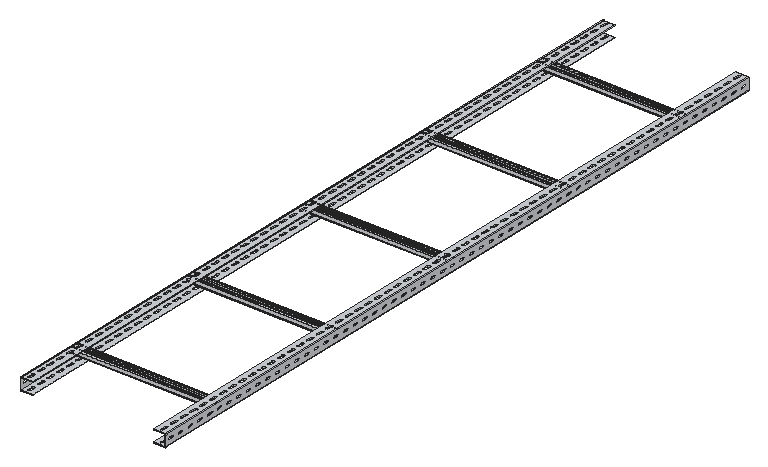
Revit family "steigeleiter_6_FT_FTSO_FTK_A2_A4.600rfa", category Generic Models, Revit 2017 (continued)
Dimensions and locks
  locked: Extrusion 323 sketch curve to Extrusion 323 sketch curve at 11
  locked: Extrusion 324 sketch curve to Extrusion 324 sketch curve at 11
  locked: Extrusion 325 sketch curve to Extrusion 325 sketch curve at 11
  locked: Extrusion 326 sketch curve to Extrusion 326 sketch curve at 11
  locked: Extrusion 327 sketch curve to Extrusion 327 sketch curve at 11
  locked: Extrusion 328 sketch curve to Extrusion 328 sketch curve at 11
  locked: Extrusion 329 sketch curve to Extrusion 329 sketch curve at 11
  locked: Extrusion 330 sketch curve to Extrusion 330 sketch curve at 11
  locked: Extrusion 331 sketch curve to Extrusion 331 sketch curve at 11
  locked: Extrusion 332 sketch curve to Extrusion 332 sketch curve at 11
  locked: Extrusion 333 sketch curve to Extrusion 333 sketch curve at 11
  locked: Extrusion 334 sketch curve to Extrusion 334 sketch curve at 11
  locked: Extrusion 335 sketch curve to Extrusion 335 sketch curve at 11
  locked: Extrusion 336 sketch curve to Extrusion 336 sketch curve at 11
  locked: Extrusion 337 sketch curve to Extrusion 337 sketch curve at 11
  locked: Extrusion 338 sketch curve to Extrusion 338 sketch curve at 11
  locked: Extrusion 339 sketch curve to Extrusion 339 sketch curve at 11
  locked: Extrusion 340 sketch curve to Extrusion 340 sketch curve at 11
  locked: Extrusion 341 sketch curve to Extrusion 341 sketch curve at 11
  locked: Extrusion 342 sketch curve to Extrusion 342 sketch curve at 11
  locked: Extrusion 343 sketch curve to Extrusion 343 sketch curve at 11
  locked: Extrusion 344 sketch curve to Extrusion 344 sketch curve at 11
  locked: Extrusion 345 sketch curve to Extrusion 345 sketch curve at 11
  locked: Extrusion 346 sketch curve to Extrusion 346 sketch curve at 11
  locked: Extrusion 347 sketch curve to Extrusion 347 sketch curve at 11
  locked: Extrusion 348 sketch curve to Extrusion 348 sketch curve at 11
  locked: Extrusion 349 sketch curve to Extrusion 349 sketch curve at 11
  locked: Extrusion 350 sketch curve to Extrusion 350 sketch curve at 11
  locked: Extrusion 351 sketch curve to Extrusion 351 sketch curve at 11
  locked: Extrusion 352 sketch curve to Extrusion 352 sketch curve at 11
  locked: Extrusion 353 sketch curve to Extrusion 353 sketch curve at 11
  locked: Extrusion 354 sketch curve to Extrusion 354 sketch curve at 11
  locked: Extrusion 355 sketch curve to Extrusion 355 sketch curve at 11
  locked: Extrusion 356 sketch curve to Extrusion 356 sketch curve at 11
  locked: Extrusion 357 sketch curve to Extrusion 357 sketch curve at 11
  locked: Extrusion 358 sketch curve to Extrusion 358 sketch curve at 11
  locked: Extrusion 359 sketch curve to Extrusion 359 sketch curve at 11
  locked: Extrusion 360 sketch curve to Extrusion 360 sketch curve at 11
  locked: Extrusion 361 sketch curve to Extrusion 361 sketch curve at 11
  "Length 2": plane 1 "Center (Front/Back)" to plane 6
  locked: Extrusion 362 sketch curve to Extrusion 362 sketch curve at 18
  locked: Extrusion 362 sketch curve to Extrusion 362 sketch curve at 2  (x5)
  locked: Extrusion 362 sketch curve to Extrusion 362 sketch curve at 3.5  (x2)
  Extrusion 362 sketch curve to Extrusion 362 sketch curve = 3.5 mm
  Extrusion 362 sketch curve to Extrusion 362 sketch curve = 15 mm
  locked: Extrusion 363 sketch curve to Extrusion 363 sketch curve at 18
  locked: Extrusion 363 sketch curve to Extrusion 363 sketch curve at 2  (x5)
  locked: Extrusion 363 sketch curve to Extrusion 363 sketch curve at 3.5  (x2)
  Extrusion 363 sketch curve to Extrusion 363 sketch curve = 3.5 mm
  Extrusion 363 sketch curve to Extrusion 363 sketch curve = 15 mm
  equal spacing: group 358, group 359, group 360, group 361, group 362  (x3)
  locked: Extrusion 364 sketch curve to Extrusion 364 sketch curve at 18
  locked: Extrusion 364 sketch curve to Extrusion 364 sketch curve at 2  (x5)
  locked: Extrusion 364 sketch curve to Extrusion 364 sketch curve at 3.5  (x2)
  Extrusion 364 sketch curve to Extrusion 364 sketch curve = 3.5 mm
  Extrusion 364 sketch curve to Extrusion 364 sketch curve = 15 mm
  locked: Extrusion 365 sketch curve to Extrusion 365 sketch curve at 18
  locked: Extrusion 365 sketch curve to Extrusion 365 sketch curve at 2  (x5)
  locked: Extrusion 365 sketch curve to Extrusion 365 sketch curve at 3.5  (x2)
  Extrusion 365 sketch curve to Extrusion 365 sketch curve = 3.5 mm
  Extrusion 365 sketch curve to Extrusion 365 sketch curve = 15 mm
  locked: Extrusion 366 sketch curve to Extrusion 366 sketch curve at 18
  locked: Extrusion 366 sketch curve to Extrusion 366 sketch curve at 2  (x5)
  locked: Extrusion 366 sketch curve to Extrusion 366 sketch curve at 3.5  (x2)
  Extrusion 366 sketch curve to Extrusion 366 sketch curve = 3.5 mm
  Extrusion 366 sketch curve to Extrusion 366 sketch curve = 15 mm
  aligned and locked: level to plane 2
  aligned and locked: Extrusion 1 sketch curve to level
  aligned and locked: level to Extrusion 1 sketch curve
  aligned and locked: plane 5 to Extrusion 1
  aligned and locked: Extrusion 1 to level
  aligned and locked: Extrusion 1 to Extrusion 2  (x2)
  aligned and locked: Extrusion 1 to Extrusion 62  (x2)
  aligned and locked: Extrusion 122 to level
  aligned and locked: Extrusion 1 to Extrusion 122
  aligned and locked: Extrusion 182 to level
  aligned and locked: cut or joined group 1 (Extrusion 1, Extrusion 2, Extrusion 3, Extrusion 4, Extrusion 5, Extrusion 6, Extrusion 7, Extrusion 8, Extrusion 9, Extrusion 10, Extrusion 11, Extrusion 12, Extrusion 13, Extrusion 14, Extrusion 15, Extrusion 16, Extrusion 17, Extrusion 18, Extrusion 19, Extrusion 20, Extrusion 21, Extrusion 22, Extrusion 23, Extrusion 24, Extrusion 25, Extrusion 26, Extrusion 27, Extrusion 28, Extrusion 29, Extrusion 30, Extrusion 31, Extrusion 32, Extrusion 33, Extrusion 34, Extrusion 35, Extrusion 36, Extrusion 37, Extrusion 38, Extrusion 39, Extrusion 40, Extrusion 41, Extrusion 42, Extrusion 43, Extrusion 44, Extrusion 45, Extrusion 46, Extrusion 47, Extrusion 48, Extrusion 49, Extrusion 50, Extrusion 51, Extrusion 52, Extrusion 53, Extrusion 54, Extrusion 55, Extrusion 56, Extrusion 57, Extrusion 58, Extrusion 59, Extrusion 60, Extrusion 61, Extrusion 62, Extrusion 63, Extrusion 64, Extrusion 65, Extrusion 66, Extrusion 67, Extrusion 68, Extrusion 69, Extrusion 70, Extrusion 71, Extrusion 72, Extrusion 73, Extrusion 74, Extrusion 75, Extrusion 76, Extrusion 77, Extrusion 78, Extrusion 79, Extrusion 80, Extrusion 81, Extrusion 82, Extrusion 83, Extrusion 84, Extrusion 85, Extrusion 86, Extrusion 87, Extrusion 88, Extrusion 89, Extrusion 90, Extrusion 91, Extrusion 92, Extrusion 93, Extrusion 94, Extrusion 95, Extrusion 96, Extrusion 97, Extrusion 98, Extrusion 99, Extrusion 100, Extrusion 101, Extrusion 102, Extrusion 103, Extrusion 104, Extrusion 105, Extrusion 106, Extrusion 107, Extrusion 108, Extrusion 109, Extrusion 110, Extrusion 111, Extrusion 112, Extrusion 113, Extrusion 114, Extrusion 115, Extrusion 116, Extrusion 117, Extrusion 118, Extrusion 119, Extrusion 120, Extrusion 121, Extrusion 122, Extrusion 123, Extrusion 124, Extrusion 125, Extrusion 126, Extrusion 127, Extrusion 128, Extrusion 129, Extrusion 130, Extrusion 131, Extrusion 132, Extrusion 133, Extrusion 134, Extrusion 135, Extrusion 136, Extrusion 137, Extrusion 138, Extrusion 139, Extrusion 140, Extrusion 141, Extrusion 142, Extrusion 143, Extrusion 144, Extrusion 145, Extrusion 146, Extrusion 147, Extrusion 148, Extrusion 149, Extrusion 150, Extrusion 151, Extrusion 152, Extrusion 153, Extrusion 154, Extrusion 155, Extrusion 156, Extrusion 157, Extrusion 158, Extrusion 159, Extrusion 160, Extrusion 161, Extrusion 162, Extrusion 163, Extrusion 164, Extrusion 165, Extrusion 166, Extrusion 167, Extrusion 168, Extrusion 169, Extrusion 170, Extrusion 171, Extrusion 172, Extrusion 173, Extrusion 174, Extrusion 175, Extrusion 176, Extrusion 177, Extrusion 178, Extrusion 179, Extrusion 180, Extrusion 181, Extrusion 182, Extrusion 183, Extrusion 184, Extrusion 185, Extrusion 186, Extrusion 187, Extrusion 188, Extrusion 189, Extrusion 190, Extrusion 191, Extrusion 192, Extrusion 193, Extrusion 194, Extrusion 195, Extrusion 196, Extrusion 197, Extrusion 198, Extrusion 199, Extrusion 200, Extrusion 201, Extrusion 202, Extrusion 203, Extrusion 204, Extrusion 205, Extrusion 206, Extrusion 207, Extrusion 208, Extrusion 209, Extrusion 210, Extrusion 211, Extrusion 212, Extrusion 213, Extrusion 214, Extrusion 215, Extrusion 216, Extrusion 217, Extrusion 218, Extrusion 219, Extrusion 220, Extrusion 221, Extrusion 222, Extrusion 223, Extrusion 224, Extrusion 225, Extrusion 226, Extrusion 227, Extrusion 228, Extrusion 229, Extrusion 230, Extrusion 231, Extrusion 232, Extrusion 233, Extrusion 234, Extrusion 235, Extrusion 236, Extrusion 237, Extrusion 238, Extrusion 239, Extrusion 240, Extrusion 241, Extrusion 242, Extrusion 243, Extrusion 244, Extrusion 245, Extrusion 246, Extrusion 247, Extrusion 248, Extrusion 249, Extrusion 250, Extrusion 251, Extrusion 252, Extrusion 253, Extrusion 254, Extrusion 255, Extrusion 256, Extrusion 257, Extrusion 258, Extrusion 259, Extrusion 260, Extrusion 261, Extrusion 262, Extrusion 263, Extrusion 264, Extrusion 265, Extrusion 266, Extrusion 267, Extrusion 268, Extrusion 269, Extrusion 270, Extrusion 271, Extrusion 272, Extrusion 273, Extrusion 274, Extrusion 275, Extrusion 276, Extrusion 277, Extrusion 278, Extrusion 279, Extrusion 280, Extrusion 281, Extrusion 282, Extrusion 283, Extrusion 284, Extrusion 285, Extrusion 286, Extrusion 287, Extrusion 288, Extrusion 289, Extrusion 290, Extrusion 291, Extrusion 292, Extrusion 293, Extrusion 294, Extrusion 295, Extrusion 296, Extrusion 297, Extrusion 298, Extrusion 299, Extrusion 300, Extrusion 301, Extrusion 302, Extrusion 303, Extrusion 304, Extrusion 305, Extrusion 306, Extrusion 307, Extrusion 308, Extrusion 309, Extrusion 310, Extrusion 311, Extrusion 312, Extrusion 313, Extrusion 314, Extrusion 315, Extrusion 316, Extrusion 317, Extrusion 318, Extrusion 319, Extrusion 320, Extrusion 321, Extrusion 322, Extrusion 323, Extrusion 324, Extrusion 325, Extrusion 326, Extrusion 327, Extrusion 328, Extrusion 329, Extrusion 330, Extrusion 331, Extrusion 332, Extrusion 333, Extrusion 334, Extrusion 335, Extrusion 336, Extrusion 337, Extrusion 338, Extrusion 339, Extrusion 340, Extrusion 341, Extrusion 342, Extrusion 343, Extrusion 344, Extrusion 345, Extrusion 346, Extrusion 347, Extrusion 348, Extrusion 349, Extrusion 350, Extrusion 351, Extrusion 352, Extrusion 353, Extrusion 354, Extrusion 355, Extrusion 356, Extrusion 357, Extrusion 358, Extrusion 359, Extrusion 360, Extrusion 361) to cut or joined group of Extrusion 1, Extrusion 2, Extrusion 3, Extrusion 4, Extrusion 5, Extrusion 6, Extrusion 7, Extrusion 8, Extrusion 9, Extrusion 10, Extrusion 11, Extrusion 12, Extrusion 13, Extrusion 14, Extrusion 15, Extrusion 16, Extrusion 17, Extrusion 18, Extrusion 19, Extrusion 20, Extrusion 21, Extrusion 22, Extrusion 23, Extrusion 24, Extrusion 25, Extrusion 26, Extrusion 27, Extrusion 28, Extrusion 29, Extrusion 30, Extrusion 31, Extrusion 32, Extrusion 33, Extrusion 34, Extrusion 35, Extrusion 36, Extrusion 37, Extrusion 38, Extrusion 39, Extrusion 40, Extrusion 41, Extrusion 42, Extrusion 43, Extrusion 44, Extrusion 45, Extrusion 46, Extrusion 47, Extrusion 48, Extrusion 49, Extrusion 50, Extrusion 51, Extrusion 52, Extrusion 53, Extrusion 54, Extrusion 55, Extrusion 56, Extrusion 57, Extrusion 58, Extrusion 59, Extrusion 60, Extrusion 61, Extrusion 62, Extrusion 63, Extrusion 64, Extrusion 65, Extrusion 66, Extrusion 67, Extrusion 68, Extrusion 69, Extrusion 70, Extrusion 71, Extrusion 72, Extrusion 73, Extrusion 74, Extrusion 75, Extrusion 76, Extrusion 77, Extrusion 78, Extrusion 79, Extrusion 80, Extrusion 81, Extrusion 82, Extrusion 83, Extrusion 84, Extrusion 85, Extrusion 86, Extrusion 87, Extrusion 88, Extrusion 89, Extrusion 90, Extrusion 91, Extrusion 92, Extrusion 93, Extrusion 94, Extrusion 95, Extrusion 96, Extrusion 97, Extrusion 98, Extrusion 99, Extrusion 100, Extrusion 101, Extrusion 102, Extrusion 103, Extrusion 104, Extrusion 105, Extrusion 106, Extrusion 107, Extrusion 108, Extrusion 109, Extrusion 110, Extrusion 111, Extrusion 112, Extrusion 113, Extrusion 114, Extrusion 115, Extrusion 116, Extrusion 117, Extrusion 118, Extrusion 119, Extrusion 120, Extrusion 121, Extrusion 122, Extrusion 123, Extrusion 124, Extrusion 125, Extrusion 126, Extrusion 127, Extrusion 128, Extrusion 129, Extrusion 130, Extrusion 131, Extrusion 132, Extrusion 133, Extrusion 134, Extrusion 135, Extrusion 136, Extrusion 137, Extrusion 138, Extrusion 139, Extrusion 140, Extrusion 141, Extrusion 142, Extrusion 143, Extrusion 144, Extrusion 145, Extrusion 146, Extrusion 147, Extrusion 148, Extrusion 149, Extrusion 150, Extrusion 151, Extrusion 152, Extrusion 153, Extrusion 154, Extrusion 155, Extrusion 156, Extrusion 157, Extrusion 158, Extrusion 159, Extrusion 160, Extrusion 161, Extrusion 162, Extrusion 163, Extrusion 164, Extrusion 165, Extrusion 166, Extrusion 167, Extrusion 168, Extrusion 169, Extrusion 170, Extrusion 171, Extrusion 172, Extrusion 173, Extrusion 174, Extrusion 175, Extrusion 176, Extrusion 177, Extrusion 178, Extrusion 179, Extrusion 180, Extrusion 181, Extrusion 182, E
    xtrusion 183, Extrusion 184, Extrusion 185, Extrusion 186, Extrusion 187, Extrusion 188, Extrusion 189, Extrusion 190, Extrusion 191, Extrusion 192, Extrusion 193, Extrusion 194, Extrusion 195, Extrusion 196, Extrusion 197, Extrusion 198, Extrusion 199, Extrusion 200, Extrusion 201, Extrusion 202, Extrusion 203, Extrusion 204, Extrusion 205, Extrusion 206, Extrusion 207, Extrusion 208, Extrusion 209, Extrusion 210, Extrusion 211, Extrusion 212, Extrusion 213, Extrusion 214, Extrusion 215, Extrusion 216, Extrusion 217, Extrusion 218, Extrusion 219, Extrusion 220, Extrusion 221, Extrusion 222, Extrusion 223, Extrusion 224, Extrusion 225, Extrusion 226, Extrusion 227, Extrusion 228, Extrusion 229, Extrusion 230, Extrusion 231, Extrusion 232, Extrusion 233, Extrusion 234, Extrusion 235, Extrusion 236, Extrusion 237, Extrusion 238, Extrusion 239, Extrusion 240, Extrusion 241, Extrusion 242, Extrusion 243, Extrusion 244, Extrusion 245, Extrusion 246, Extrusion 247, Extrusion 248, Extrusion 249, Extrusion 250, Extrusion 251, Extrusion 252, Extrusion 253, Extrusion 254, Extrusion 255, Extrusion 256, Extrusion 257, Extrusion 258, Extrusion 259, Extrusion 260, Extrusion 261, Extrusion 262, Extrusion 263, Extrusion 264, Extrusion 265, Extrusion 266, Extrusion 267, Extrusion 268, Extrusion 269, Extrusion 270, Extrusion 271, Extrusion 272, Extrusion 273, Extrusion 274, Extrusion 275, Extrusion 276, Extrusion 277, Extrusion 278, Extrusion 279, Extrusion 280, Extrusion 281, Extrusion 282, Extrusion 283, Extrusion 284, Extrusion 285, Extrusion 286, Extrusion 287, Extrusion 288, Extrusion 289, Extrusion 290, Extrusion 291, Extrusion 292, Extrusion 293, Extrusion 294, Extrusion 295, Extrusion 296, Extrusion 297, Extrusion 298, Extrusion 299, Extrusion 300, Extrusion 301, Extrusion 302, Extrusion 303, Extrusion 304, Extrusion 305, Extrusion 306, Extrusion 307, Extrusion 308, Extrusion 309, Extrusion 310, Extrusion 311, Extrusion 312, Extrusion 313, Extrusion 314, Extrusion 315, Extrusion 316, Extrusion 317, Extrusion 318, Extrusion 319, Extrusion 320, Extrusion 321, Extrusion 322, Extrusion 323, Extrusion 324, Extrusion 325, Extrusion 326, Extrusion 327, Extrusion 328, Extrusion 329, Extrusion 330, Extrusion 331, Extrusion 332, Extrusion 333, Extrusion 334, Extrusion 335, Extrusion 336, Extrusion 337, Extrusion 338, Extrusion 339, Extrusion 340, Extrusion 341, Extrusion 342, Extrusion 343, Extrusion 344, Extrusion 345, Extrusion 346, Extrusion 347, Extrusion 348, Extrusion 349, Extrusion 350, Extrusion 351, Extrusion 352, Extrusion 353, Extrusion 354, Extrusion 355, Extrusion 356, Extrusion 357, Extrusion 358, Extrusion 359, Extrusion 360, Extrusion 361
  aligned and locked: Extrusion 1 to Extrusion 301
  aligned and locked: Extrusion 1 to Extrusion 242
  aligned and locked: Extrusion 1 to Extrusion 243
  aligned and locked: Extrusion 362 to cut or joined group 1  (x3)
Automatic sketch dimensions
  Extrusion 1 sketch curve to Extrusion 1 sketch curve = 1.5 mm  (x3)
  Extrusion 1 sketch curve to Extrusion 1 sketch curve = 3.273 mm
  Extrusion 1 sketch curve to Extrusion 1 sketch curve = 1.011 mm
  Extrusion 1 sketch curve to Extrusion 1 sketch curve = 1.773 mm
  Extrusion 1 sketch curve to Extrusion 1 sketch curve = 0 mm  (x2)
  Extrusion 1 sketch curve to plane 3 "Center (Left/Right)" = 250 mm
  plane 3 "Center (Left/Right)" to Extrusion 1 sketch curve = 250 mm
  Extrusion 61 sketch curve to Extrusion 61 sketch curve = 19 mm
  Extrusion 2 sketch curve to Extrusion 2 sketch curve = 19 mm
  Extrusion 3 sketch curve to Extrusion 3 sketch curve = 19 mm
  Extrusion 4 sketch curve to Extrusion 4 sketch curve = 19 mm
  Extrusion 5 sketch curve to Extrusion 5 sketch curve = 19 mm
  Extrusion 6 sketch curve to Extrusion 6 sketch curve = 19 mm
  Extrusion 7 sketch curve to Extrusion 7 sketch curve = 19 mm
  Extrusion 8 sketch curve to Extrusion 8 sketch curve = 19 mm
  Extrusion 9 sketch curve to Extrusion 9 sketch curve = 19 mm
  Extrusion 10 sketch curve to Extrusion 10 sketch curve = 19 mm
  Extrusion 11 sketch curve to Extrusion 11 sketch curve = 19 mm
  Extrusion 12 sketch curve to Extrusion 12 sketch curve = 19 mm
  Extrusion 13 sketch curve to Extrusion 13 sketch curve = 19 mm
  Extrusion 14 sketch curve to Extrusion 14 sketch curve = 19 mm
  Extrusion 15 sketch curve to Extrusion 15 sketch curve = 19 mm
  Extrusion 16 sketch curve to Extrusion 16 sketch curve = 19 mm
  Extrusion 17 sketch curve to Extrusion 17 sketch curve = 19 mm
  Extrusion 18 sketch curve to Extrusion 18 sketch curve = 19 mm
  Extrusion 19 sketch curve to Extrusion 19 sketch curve = 19 mm
  Extrusion 20 sketch curve to Extrusion 20 sketch curve = 19 mm
  Extrusion 21 sketch curve to Extrusion 21 sketch curve = 19 mm
  Extrusion 22 sketch curve to Extrusion 22 sketch curve = 19 mm
  Extrusion 23 sketch curve to Extrusion 23 sketch curve = 19 mm
  Extrusion 24 sketch curve to Extrusion 24 sketch curve = 19 mm
  Extrusion 25 sketch curve to Extrusion 25 sketch curve = 19 mm
  Extrusion 26 sketch curve to Extrusion 26 sketch curve = 19 mm
  Extrusion 27 sketch curve to Extrusion 27 sketch curve = 19 mm
  Extrusion 28 sketch curve to Extrusion 28 sketch curve = 19 mm
  Extrusion 29 sketch curve to Extrusion 29 sketch curve = 19 mm
  Extrusion 30 sketch curve to Extrusion 30 sketch curve = 19 mm
  Extrusion 31 sketch curve to Extrusion 31 sketch curve = 19 mm
  Extrusion 32 sketch curve to Extrusion 32 sketch curve = 19 mm
  Extrusion 33 sketch curve to Extrusion 33 sketch curve = 19 mm
  Extrusion 34 sketch curve to Extrusion 34 sketch curve = 19 mm
  Extrusion 35 sketch curve to Extrusion 35 sketch curve = 19 mm
  Extrusion 36 sketch curve to Extrusion 36 sketch curve = 19 mm
  Extrusion 37 sketch curve to Extrusion 37 sketch curve = 19 mm
  Extrusion 38 sketch curve to Extrusion 38 sketch curve = 19 mm
  Extrusion 39 sketch curve to Extrusion 39 sketch curve = 19 mm
  Extrusion 40 sketch curve to Extrusion 40 sketch curve = 19 mm
  Extrusion 41 sketch curve to Extrusion 41 sketch curve = 19 mm
  Extrusion 42 sketch curve to Extrusion 42 sketch curve = 19 mm
  Extrusion 43 sketch curve to Extrusion 43 sketch curve = 19 mm
  Extrusion 44 sketch curve to Extrusion 44 sketch curve = 19 mm
  Extrusion 45 sketch curve to Extrusion 45 sketch curve = 19 mm
  Extrusion 46 sketch curve to Extrusion 46 sketch curve = 19 mm
  Extrusion 47 sketch curve to Extrusion 47 sketch curve = 19 mm
  Extrusion 48 sketch curve to Extrusion 48 sketch curve = 19 mm
  Extrusion 49 sketch curve to Extrusion 49 sketch curve = 19 mm
  Extrusion 50 sketch curve to Extrusion 50 sketch curve = 19 mm
  Extrusion 51 sketch curve to Extrusion 51 sketch curve = 19 mm
  Extrusion 52 sketch curve to Extrusion 52 sketch curve = 19 mm
  Extrusion 53 sketch curve to Extrusion 53 sketch curve = 19 mm
  Extrusion 54 sketch curve to Extrusion 54 sketch curve = 19 mm
  Extrusion 55 sketch curve to Extrusion 55 sketch curve = 19 mm
  Extrusion 56 sketch curve to Extrusion 56 sketch curve = 19 mm
  Extrusion 57 sketch curve to Extrusion 57 sketch curve = 19 mm
  Extrusion 58 sketch curve to Extrusion 58 sketch curve = 19 mm
  Extrusion 59 sketch curve to Extrusion 59 sketch curve = 19 mm
  Extrusion 60 sketch curve to Extrusion 60 sketch curve = 19 mm
  Extrusion 62 sketch curve to Extrusion 62 sketch curve = 19 mm
  Extrusion 63 sketch curve to Extrusion 63 sketch curve = 19 mm
  Extrusion 64 sketch curve to Extrusion 64 sketch curve = 19 mm
  Extrusion 65 sketch curve to Extrusion 65 sketch curve = 19 mm
  Extrusion 66 sketch curve to Extrusion 66 sketch curve = 19 mm
  Extrusion 67 sketch curve to Extrusion 67 sketch curve = 19 mm
  Extrusion 68 sketch curve to Extrusion 68 sketch curve = 19 mm
  Extrusion 69 sketch curve to Extrusion 69 sketch curve = 19 mm
  Extrusion 70 sketch curve to Extrusion 70 sketch curve = 19 mm
  Extrusion 71 sketch curve to Extrusion 71 sketch curve = 19 mm
  Extrusion 72 sketch curve to Extrusion 72 sketch curve = 19 mm
  Extrusion 73 sketch curve to Extrusion 73 sketch curve = 19 mm
  Extrusion 74 sketch curve to Extrusion 74 sketch curve = 19 mm
  Extrusion 75 sketch curve to Extrusion 75 sketch curve = 19 mm
  Extrusion 76 sketch curve to Extrusion 76 sketch curve = 19 mm
  Extrusion 77 sketch curve to Extrusion 77 sketch curve = 19 mm
  Extrusion 78 sketch curve to Extrusion 78 sketch curve = 19 mm
  Extrusion 79 sketch curve to Extrusion 79 sketch curve = 19 mm
  Extrusion 80 sketch curve to Extrusion 80 sketch curve = 19 mm
  Extrusion 81 sketch curve to Extrusion 81 sketch curve = 19 mm
  Extrusion 82 sketch curve to Extrusion 82 sketch curve = 19 mm
  Extrusion 83 sketch curve to Extrusion 83 sketch curve = 19 mm
  Extrusion 84 sketch curve to Extrusion 84 sketch curve = 19 mm
  Extrusion 85 sketch curve to Extrusion 85 sketch curve = 19 mm
  Extrusion 86 sketch curve to Extrusion 86 sketch curve = 19 mm
  Extrusion 87 sketch curve to Extrusion 87 sketch curve = 19 mm
  Extrusion 88 sketch curve to Extrusion 88 sketch curve = 19 mm
  Extrusion 89 sketch curve to Extrusion 89 sketch curve = 19 mm
  Extrusion 90 sketch curve to Extrusion 90 sketch curve = 19 mm
  Extrusion 91 sketch curve to Extrusion 91 sketch curve = 19 mm
  Extrusion 92 sketch curve to Extrusion 92 sketch curve = 19 mm
  Extrusion 93 sketch curve to Extrusion 93 sketch curve = 19 mm
  Extrusion 94 sketch curve to Extrusion 94 sketch curve = 19 mm
  Extrusion 95 sketch curve to Extrusion 95 sketch curve = 19 mm
  Extrusion 96 sketch curve to Extrusion 96 sketch curve = 19 mm
  Extrusion 97 sketch curve to Extrusion 97 sketch curve = 19 mm
  Extrusion 98 sketch curve to Extrusion 98 sketch curve = 19 mm
  Extrusion 99 sketch curve to Extrusion 99 sketch curve = 19 mm
  Extrusion 100 sketch curve to Extrusion 100 sketch curve = 19 mm
  Extrusion 101 sketch curve to Extrusion 101 sketch curve = 19 mm
  Extrusion 102 sketch curve to Extrusion 102 sketch curve = 19 mm
  Extrusion 103 sketch curve to Extrusion 103 sketch curve = 19 mm
  Extrusion 104 sketch curve to Extrusion 104 sketch curve = 19 mm
  Extrusion 105 sketch curve to Extrusion 105 sketch curve = 19 mm
  Extrusion 106 sketch curve to Extrusion 106 sketch curve = 19 mm
  Extrusion 107 sketch curve to Extrusion 107 sketch curve = 19 mm
  Extrusion 108 sketch curve to Extrusion 108 sketch curve = 19 mm
  Extrusion 109 sketch curve to Extrusion 109 sketch curve = 19 mm
  Extrusion 110 sketch curve to Extrusion 110 sketch curve = 19 mm
  Extrusion 111 sketch curve to Extrusion 111 sketch curve = 19 mm
  Extrusion 112 sketch curve to Extrusion 112 sketch curve = 19 mm
  Extrusion 113 sketch curve to Extrusion 113 sketch curve = 19 mm
  Extrusion 114 sketch curve to Extrusion 114 sketch curve = 19 mm
  Extrusion 115 sketch curve to Extrusion 115 sketch curve = 19 mm
  Extrusion 116 sketch curve to Extrusion 116 sketch curve = 19 mm
  Extrusion 117 sketch curve to Extrusion 117 sketch curve = 19 mm
  Extrusion 118 sketch curve to Extrusion 118 sketch curve = 19 mm
  Extrusion 119 sketch curve to Extrusion 119 sketch curve = 19 mm
  Extrusion 120 sketch curve to Extrusion 120 sketch curve = 19 mm
  Extrusion 121 sketch curve to Extrusion 121 sketch curve = 19 mm
  Extrusion 122 sketch curve to Extrusion 122 sketch curve = 19 mm
  Extrusion 123 sketch curve to Extrusion 123 sketch curve = 19 mm
  Extrusion 124 sketch curve to Extrusion 124 sketch curve = 19 mm
  Extrusion 125 sketch curve to Extrusion 125 sketch curve = 19 mm
  Extrusion 126 sketch curve to Extrusion 126 sketch curve = 19 mm
  Extrusion 127 sketch curve to Extrusion 127 sketch curve = 19 mm
  Extrusion 128 sketch curve to Extrusion 128 sketch curve = 19 mm
  Extrusion 129 sketch curve to Extrusion 129 sketch curve = 19 mm
  Extrusion 130 sketch curve to Extrusion 130 sketch curve = 19 mm
  Extrusion 131 sketch curve to Extrusion 131 sketch curve = 19 mm
  Extrusion 132 sketch curve to Extrusion 132 sketch curve = 19 mm
  Extrusion 133 sketch curve to Extrusion 133 sketch curve = 19 mm
  Extrusion 134 sketch curve to Extrusion 134 sketch curve = 19 mm
  Extrusion 135 sketch curve to Extrusion 135 sketch curve = 19 mm
  Extrusion 136 sketch curve to Extrusion 136 sketch curve = 19 mm
  Extrusion 137 sketch curve to Extrusion 137 sketch curve = 19 mm
  Extrusion 138 sketch curve to Extrusion 138 sketch curve = 19 mm
  Extrusion 139 sketch curve to Extrusion 139 sketch curve = 19 mm
  Extrusion 140 sketch curve to Extrusion 140 sketch curve = 19 mm
  Extrusion 141 sketch curve to Extrusion 141 sketch curve = 19 mm
  Extrusion 142 sketch curve to Extrusion 142 sketch curve = 19 mm
  Extrusion 143 sketch curve to Extrusion 143 sketch curve = 19 mm
  Extrusion 144 sketch curve to Extrusion 144 sketch curve = 19 mm
  Extrusion 145 sketch curve to Extrusion 145 sketch curve = 19 mm
  Extrusion 146 sketch curve to Extrusion 146 sketch curve = 19 mm
  Extrusion 147 sketch curve to Extrusion 147 sketch curve = 19 mm
  Extrusion 148 sketch curve to Extrusion 148 sketch curve = 19 mm
  Extrusion 149 sketch curve to Extrusion 149 sketch curve = 19 mm
  Extrusion 150 sketch curve to Extrusion 150 sketch curve = 19 mm
  Extrusion 151 sketch curve to Extrusion 151 sketch curve = 19 mm
  Extrusion 152 sketch curve to Extrusion 152 sketch curve = 19 mm
  Extrusion 153 sketch curve to Extrusion 153 sketch curve = 19 mm
  Extrusion 154 sketch curve to Extrusion 154 sketch curve = 19 mm
  Extrusion 155 sketch curve to Extrusion 155 sketch curve = 19 mm
  Extrusion 156 sketch curve to Extrusion 156 sketch curve = 19 mm
  Extrusion 157 sketch curve to Extrusion 157 sketch curve = 19 mm
  Extrusion 158 sketch curve to Extrusion 158 sketch curve = 19 mm
  Extrusion 159 sketch curve to Extrusion 159 sketch curve = 19 mm
  Extrusion 160 sketch curve to Extrusion 160 sketch curve = 19 mm
  Extrusion 161 sketch curve to Extrusion 161 sketch curve = 19 mm
  Extrusion 162 sketch curve to Extrusion 162 sketch curve = 19 mm
  Extrusion 163 sketch curve to Extrusion 163 sketch curve = 19 mm
  Extrusion 164 sketch curve to Extrusion 164 sketch curve = 19 mm
  Extrusion 165 sketch curve to Extrusion 165 sketch curve = 19 mm
  Extrusion 166 sketch curve to Extrusion 166 sketch curve = 19 mm
  Extrusion 167 sketch curve to Extrusion 167 sketch curve = 19 mm
  Extrusion 168 sketch curve to Extrusion 168 sketch curve = 19 mm
  Extrusion 169 sketch curve to Extrusion 169 sketch curve = 19 mm
  Extrusion 170 sketch curve to Extrusion 170 sketch curve = 19 mm
  Extrusion 171 sketch curve to Extrusion 171 sketch curve = 19 mm
  Extrusion 172 sketch curve to Extrusion 172 sketch curve = 19 mm
  Extrusion 173 sketch curve to Extrusion 173 sketch curve = 19 mm
  Extrusion 174 sketch curve to Extrusion 174 sketch curve = 19 mm
  Extrusion 175 sketch curve to Extrusion 175 sketch curve = 19 mm
  Extrusion 176 sketch curve to Extrusion 176 sketch curve = 19 mm
  Extrusion 177 sketch curve to Extrusion 177 sketch curve = 19 mm
  Extrusion 178 sketch curve to Extrusion 178 sketch curve = 19 mm
  Extrusion 179 sketch curve to Extrusion 179 sketch curve = 19 mm
  Extrusion 180 sketch curve to Extrusion 180 sketch curve = 19 mm
  Extrusion 181 sketch curve to Extrusion 181 sketch curve = 19 mm
  Extrusion 182 sketch curve to Extrusion 182 sketch curve = 19 mm
  Extrusion 183 sketch curve to Extrusion 183 sketch curve = 19 mm
  Extrusion 184 sketch curve to Extrusion 184 sketch curve = 19 mm
  Extrusion 185 sketch curve to Extrusion 185 sketch curve = 19 mm
  Extrusion 186 sketch curve to Extrusion 186 sketch curve = 19 mm
  Extrusion 187 sketch curve to Extrusion 187 sketch curve = 19 mm
  Extrusion 188 sketch curve to Extrusion 188 sketch curve = 19 mm
  Extrusion 189 sketch curve to Extrusion 189 sketch curve = 19 mm
  Extrusion 190 sketch curve to Extrusion 190 sketch curve = 19 mm
  Extrusion 191 sketch curve to Extrusion 191 sketch curve = 19 mm
  Extrusion 192 sketch curve to Extrusion 192 sketch curve = 19 mm
  Extrusion 193 sketch curve to Extrusion 193 sketch curve = 19 mm
  Extrusion 194 sketch curve to Extrusion 194 sketch curve = 19 mm
  Extrusion 195 sketch curve to Extrusion 195 sketch curve = 19 mm
  Extrusion 196 sketch curve to Extrusion 196 sketch curve = 19 mm
  Extrusion 197 sketch curve to Extrusion 197 sketch curve = 19 mm
  Extrusion 198 sketch curve to Extrusion 198 sketch curve = 19 mm
  Extrusion 199 sketch curve to Extrusion 199 sketch curve = 19 mm
  Extrusion 200 sketch curve to Extrusion 200 sketch curve = 19 mm
  Extrusion 201 sketch curve to Extrusion 201 sketch curve = 19 mm
  Extrusion 202 sketch curve to Extrusion 202 sketch curve = 19 mm
  Extrusion 203 sketch curve to Extrusion 203 sketch curve = 19 mm
  Extrusion 204 sketch curve to Extrusion 204 sketch curve = 19 mm
  Extrusion 205 sketch curve to Extrusion 205 sketch curve = 19 mm
  Extrusion 206 sketch curve to Extrusion 206 sketch curve = 19 mm
  Extrusion 207 sketch curve to Extrusion 207 sketch curve = 19 mm
  Extrusion 208 sketch curve to Extrusion 208 sketch curve = 19 mm
  Extrusion 209 sketch curve to Extrusion 209 sketch curve = 19 mm
  Extrusion 210 sketch curve to Extrusion 210 sketch curve = 19 mm
  Extrusion 211 sketch curve to Extrusion 211 sketch curve = 19 mm
  Extrusion 212 sketch curve to Extrusion 212 sketch curve = 19 mm
  Extrusion 213 sketch curve to Extrusion 213 sketch curve = 19 mm
  Extrusion 214 sketch curve to Extrusion 214 sketch curve = 19 mm
  Extrusion 215 sketch curve to Extrusion 215 sketch curve = 19 mm
  Extrusion 216 sketch curve to Extrusion 216 sketch curve = 19 mm
  Extrusion 217 sketch curve to Extrusion 217 sketch curve = 19 mm
  Extrusion 218 sketch curve to Extrusion 218 sketch curve = 19 mm
  Extrusion 219 sketch curve to Extrusion 219 sketch curve = 19 mm
  Extrusion 220 sketch curve to Extrusion 220 sketch curve = 19 mm
  Extrusion 221 sketch curve to Extrusion 221 sketch curve = 19 mm
  Extrusion 222 sketch curve to Extrusion 222 sketch curve = 19 mm
  Extrusion 223 sketch curve to Extrusion 223 sketch curve = 19 mm
  Extrusion 224 sketch curve to Extrusion 224 sketch curve = 19 mm
  Extrusion 225 sketch curve to Extrusion 225 sketch curve = 19 mm
  Extrusion 226 sketch curve to Extrusion 226 sketch curve = 19 mm
  Extrusion 227 sketch curve to Extrusion 227 sketch curve = 19 mm
  Extrusion 228 sketch curve to Extrusion 228 sketch curve = 19 mm
  Extrusion 229 sketch curve to Extrusion 229 sketch curve = 19 mm
  Extrusion 230 sketch curve to Extrusion 230 sketch curve = 19 mm
  Extrusion 231 sketch curve to Extrusion 231 sketch curve = 19 mm
  Extrusion 232 sketch curve to Extrusion 232 sketch curve = 19 mm
  Extrusion 233 sketch curve to Extrusion 233 sketch curve = 19 mm
  Extrusion 234 sketch curve to Extrusion 234 sketch curve = 19 mm
  Extrusion 235 sketch curve to Extrusion 235 sketch curve = 19 mm
  Extrusion 236 sketch curve to Extrusion 236 sketch curve = 19 mm
  Extrusion 237 sketch curve to Extrusion 237 sketch curve = 19 mm
  Extrusion 238 sketch curve to Extrusion 238 sketch curve = 19 mm
  Extrusion 239 sketch curve to Extrusion 239 sketch curve = 19 mm
  Extrusion 240 sketch curve to Extrusion 240 sketch curve = 19 mm
  Extrusion 241 sketch curve to Extrusion 241 sketch curve = 19 mm
  Extrusion 242 sketch curve to Extrusion 242 sketch curve = 19 mm
  Extrusion 243 sketch curve to Extrusion 243 sketch curve = 19 mm
  Extrusion 244 sketch curve to Extrusion 244 sketch curve = 19 mm
  Extrusion 245 sketch curve to Extrusion 245 sketch curve = 19 mm
  Extrusion 246 sketch curve to Extrusion 246 sketch curve = 19 mm
  Extrusion 247 sketch curve to Extrusion 247 sketch curve = 19 mm
  Extrusion 248 sketch curve to Extrusion 248 sketch curve = 19 mm
  Extrusion 249 sketch curve to Extrusion 249 sketch curve = 19 mm
  Extrusion 250 sketch curve to Extrusion 250 sketch curve = 19 mm
  Extrusion 251 sketch curve to Extrusion 251 sketch curve = 19 mm
  Extrusion 252 sketch curve to Extrusion 252 sketch curve = 19 mm
  Extrusion 253 sketch curve to Extrusion 253 sketch curve = 19 mm
  Extrusion 254 sketch curve to Extrusion 254 sketch curve = 19 mm
  Extrusion 255 sketch curve to Extrusion 255 sketch curve = 19 mm
  Extrusion 256 sketch curve to Extrusion 256 sketch curve = 19 mm
  Extrusion 257 sketch curve to Extrusion 257 sketch curve = 19 mm
  Extrusion 258 sketch curve to Extrusion 258 sketch curve = 19 mm
  Extrusion 259 sketch curve to Extrusion 259 sketch curve = 19 mm
  Extrusion 260 sketch curve to Extrusion 260 sketch curve = 19 mm
  Extrusion 261 sketch curve to Extrusion 261 sketch curve = 19 mm
  Extrusion 262 sketch curve to Extrusion 262 sketch curve = 19 mm
  Extrusion 263 sketch curve to Extrusion 263 sketch curve = 19 mm
  Extrusion 264 sketch curve to Extrusion 264 sketch curve = 19 mm
  Extrusion 265 sketch curve to Extrusion 265 sketch curve = 19 mm
  Extrusion 266 sketch curve to Extrusion 266 sketch curve = 19 mm
  Extrusion 267 sketch curve to Extrusion 267 sketch curve = 19 mm
  Extrusion 268 sketch curve to Extrusion 268 sketch curve = 19 mm
  Extrusion 269 sketch curve to Extrusion 269 sketch curve = 19 mm
  Extrusion 270 sketch curve to Extrusion 270 sketch curve = 19 mm
  Extrusion 271 sketch curve to Extrusion 271 sketch curve = 19 mm
  Extrusion 272 sketch curve to Extrusion 272 sketch curve = 19 mm
  Extrusion 273 sketch curve to Extrusion 273 sketch curve = 19 mm
  Extrusion 274 sketch curve to Extrusion 274 sketch curve = 19 mm
  Extrusion 275 sketch curve to Extrusion 275 sketch curve = 19 mm
  Extrusion 276 sketch curve to Extrusion 276 sketch curve = 19 mm
  Extrusion 277 sketch curve to Extrusion 277 sketch curve = 19 mm
  Extrusion 278 sketch curve to Extrusion 278 sketch curve = 19 mm
  Extrusion 279 sketch curve to Extrusion 279 sketch curve = 19 mm
  Extrusion 280 sketch curve to Extrusion 280 sketch curve = 19 mm
  Extrusion 281 sketch curve to Extrusion 281 sketch curve = 19 mm
  Extrusion 282 sketch curve to Extrusion 282 sketch curve = 19 mm
  Extrusion 283 sketch curve to Extrusion 283 sketch curve = 19 mm
  Extrusion 284 sketch curve to Extrusion 284 sketch curve = 19 mm
  Extrusion 285 sketch curve to Extrusion 285 sketch curve = 19 mm
  Extrusion 286 sketch curve to Extrusion 286 sketch curve = 19 mm
  Extrusion 287 sketch curve to Extrusion 287 sketch curve = 19 mm
  Extrusion 288 sketch curve to Extrusion 288 sketch curve = 19 mm
  Extrusion 289 sketch curve to Extrusion 289 sketch curve = 19 mm
  Extrusion 290 sketch curve to Extrusion 290 sketch curve = 19 mm
  Extrusion 291 sketch curve to Extrusion 291 sketch curve = 19 mm
  Extrusion 292 sketch curve to Extrusion 292 sketch curve = 19 mm
  Extrusion 293 sketch curve to Extrusion 293 sketch curve = 19 mm
  Extrusion 294 sketch curve to Extrusion 294 sketch curve = 19 mm
  Extrusion 295 sketch curve to Extrusion 295 sketch curve = 19 mm
  Extrusion 296 sketch curve to Extrusion 296 sketch curve = 19 mm
  Extrusion 297 sketch curve to Extrusion 297 sketch curve = 19 mm
  Extrusion 298 sketch curve to Extrusion 298 sketch curve = 19 mm
  Extrusion 299 sketch curve to Extrusion 299 sketch curve = 19 mm
  Extrusion 300 sketch curve to Extrusion 300 sketch curve = 19 mm
  Extrusion 301 sketch curve to Extrusion 301 sketch curve = 19 mm
  Extrusion 302 sketch curve to Extrusion 302 sketch curve = 19 mm
  Extrusion 303 sketch curve to Extrusion 303 sketch curve = 19 mm
  Extrusion 304 sketch curve to Extrusion 304 sketch curve = 19 mm
  Extrusion 305 sketch curve to Extrusion 305 sketch curve = 19 mm
  Extrusion 306 sketch curve to Extrusion 306 sketch curve = 19 mm
  Extrusion 307 sketch curve to Extrusion 307 sketch curve = 19 mm
  Extrusion 308 sketch curve to Extrusion 308 sketch curve = 19 mm
  Extrusion 309 sketch curve to Extrusion 309 sketch curve = 19 mm
  Extrusion 310 sketch curve to Extrusion 310 sketch curve = 19 mm
  Extrusion 311 sketch curve to Extrusion 311 sketch curve = 19 mm
  Extrusion 312 sketch curve to Extrusion 312 sketch curve = 19 mm
  Extrusion 313 sketch curve to Extrusion 313 sketch curve = 19 mm
  Extrusion 314 sketch curve to Extrusion 314 sketch curve = 19 mm
  Extrusion 315 sketch curve to Extrusion 315 sketch curve = 19 mm
  Extrusion 316 sketch curve to Extrusion 316 sketch curve = 19 mm
  Extrusion 317 sketch curve to Extrusion 317 sketch curve = 19 mm
  Extrusion 318 sketch curve to Extrusion 318 sketch curve = 19 mm
  Extrusion 319 sketch curve to Extrusion 319 sketch curve = 19 mm
  Extrusion 320 sketch curve to Extrusion 320 sketch curve = 19 mm
  Extrusion 321 sketch curve to Extrusion 321 sketch curve = 19 mm
  Extrusion 322 sketch curve to Extrusion 322 sketch curve = 19 mm
  Extrusion 323 sketch curve to Extrusion 323 sketch curve = 19 mm
  Extrusion 324 sketch curve to Extrusion 324 sketch curve = 19 mm
  Extrusion 325 sketch curve to Extrusion 325 sketch curve = 19 mm
  Extrusion 326 sketch curve to Extrusion 326 sketch curve = 19 mm
  Extrusion 327 sketch curve to Extrusion 327 sketch curve = 19 mm
  Extrusion 328 sketch curve to Extrusion 328 sketch curve = 19 mm
  Extrusion 329 sketch curve to Extrusion 329 sketch curve = 19 mm
  Extrusion 330 sketch curve to Extrusion 330 sketch curve = 19 mm
  Extrusion 331 sketch curve to Extrusion 331 sketch curve = 19 mm
  Extrusion 332 sketch curve to Extrusion 332 sketch curve = 19 mm
  Extrusion 333 sketch curve to Extrusion 333 sketch curve = 19 mm
  Extrusion 334 sketch curve to Extrusion 334 sketch curve = 19 mm
  Extrusion 335 sketch curve to Extrusion 335 sketch curve = 19 mm
  Extrusion 336 sketch curve to Extrusion 336 sketch curve = 19 mm
  Extrusion 337 sketch curve to Extrusion 337 sketch curve = 19 mm
  Extrusion 338 sketch curve to Extrusion 338 sketch curve = 19 mm
  Extrusion 339 sketch curve to Extrusion 339 sketch curve = 19 mm
  Extrusion 340 sketch curve to Extrusion 340 sketch curve = 19 mm
  Extrusion 341 sketch curve to Extrusion 341 sketch curve = 19 mm
  Extrusion 342 sketch curve to Extrusion 342 sketch curve = 19 mm
  Extrusion 343 sketch curve to Extrusion 343 sketch curve = 19 mm
  Extrusion 344 sketch curve to Extrusion 344 sketch curve = 19 mm
  Extrusion 345 sketch curve to Extrusion 345 sketch curve = 19 mm
  Extrusion 346 sketch curve to Extrusion 346 sketch curve = 19 mm
  Extrusion 347 sketch curve to Extrusion 347 sketch curve = 19 mm
  Extrusion 348 sketch curve to Extrusion 348 sketch curve = 19 mm
  Extrusion 349 sketch curve to Extrusion 349 sketch curve = 19 mm
  Extrusion 350 sketch curve to Extrusion 350 sketch curve = 19 mm
  Extrusion 351 sketch curve to Extrusion 351 sketch curve = 19 mm
  Extrusion 352 sketch curve to Extrusion 352 sketch curve = 19 mm
  Extrusion 353 sketch curve to Extrusion 353 sketch curve = 19 mm
  Extrusion 354 sketch curve to Extrusion 354 sketch curve = 19 mm
  Extrusion 355 sketch curve to Extrusion 355 sketch curve = 19 mm
  Extrusion 356 sketch curve to Extrusion 356 sketch curve = 19 mm
  Extrusion 357 sketch curve to Extrusion 357 sketch curve = 19 mm
  Extrusion 358 sketch curve to Extrusion 358 sketch curve = 19 mm
  Extrusion 359 sketch curve to Extrusion 359 sketch curve = 19 mm
  level to Extrusion 243 sketch curve = 30.5 mm
  Extrusion 243 sketch curve to plane 1 "Center (Front/Back)" = 115.5 mm
  level to Extrusion 244 sketch curve = 30.5 mm
  Extrusion 244 sketch curve to plane 1 "Center (Front/Back)" = 165.5 mm
  Extrusion 360 sketch curve to Extrusion 360 sketch curve = 19 mm
  Extrusion 361 sketch curve to Extrusion 361 sketch curve = 19 mm
  level to Extrusion 258 sketch curve = 30.5 mm
  plane 6 to Extrusion 258 sketch curve = 592 mm
  Extrusion 362 sketch curve to Extrusion 362 sketch curve = 1.962 mm
  Extrusion 362 sketch curve to Extrusion 362 sketch curve = 0.995 mm
  Extrusion 362 sketch curve to Extrusion 362 sketch curve = 4.005 mm
  Extrusion 362 sketch curve to Extrusion 362 sketch curve = 1.5 mm  (x2)
  Extrusion 362 sketch curve to Extrusion 362 sketch curve = 2 mm
  Extrusion 362 sketch curve to Extrusion 362 sketch curve = 0.99 mm
  Extrusion 362 sketch curve to Extrusion 362 sketch curve = 0 mm  (x20)
  Extrusion 362 sketch curve to Extrusion 362 sketch curve = 4.01 mm
  Extrusion 362 sketch curve to Extrusion 362 sketch curve = 13 mm
  Extrusion 362 sketch curve to Extrusion 362 sketch curve = 13.038 mm
  Extrusion 363 sketch curve to Extrusion 363 sketch curve = 1.962 mm
  Extrusion 363 sketch curve to Extrusion 363 sketch curve = 0.995 mm
  Extrusion 363 sketch curve to Extrusion 363 sketch curve = 4.005 mm
  Extrusion 363 sketch curve to Extrusion 363 sketch curve = 1.5 mm  (x2)
  Extrusion 363 sketch curve to Extrusion 363 sketch curve = 2 mm
  Extrusion 363 sketch curve to Extrusion 363 sketch curve = 0.99 mm
  Extrusion 363 sketch curve to Extrusion 363 sketch curve = 0 mm  (x20)
  Extrusion 363 sketch curve to Extrusion 363 sketch curve = 4.01 mm
  Extrusion 363 sketch curve to Extrusion 363 sketch curve = 13 mm
  Extrusion 363 sketch curve to Extrusion 363 sketch curve = 13.038 mm
  Extrusion 364 sketch curve to Extrusion 364 sketch curve = 1.962 mm
  Extrusion 364 sketch curve to Extrusion 364 sketch curve = 0.995 mm
  Extrusion 364 sketch curve to Extrusion 364 sketch curve = 4.005 mm
  Extrusion 364 sketch curve to Extrusion 364 sketch curve = 1.5 mm  (x2)
  Extrusion 364 sketch curve to Extrusion 364 sketch curve = 2 mm
  Extrusion 364 sketch curve to Extrusion 364 sketch curve = 0.99 mm
  Extrusion 364 sketch curve to Extrusion 364 sketch curve = 0 mm  (x20)
  Extrusion 364 sketch curve to Extrusion 364 sketch curve = 4.01 mm
  Extrusion 364 sketch curve to Extrusion 364 sketch curve = 13 mm
  Extrusion 364 sketch curve to Extrusion 364 sketch curve = 13.038 mm
  Extrusion 365 sketch curve to Extrusion 365 sketch curve = 1.962 mm
  Extrusion 365 sketch curve to Extrusion 365 sketch curve = 0.995 mm
  Extrusion 365 sketch curve to Extrusion 365 sketch curve = 4.005 mm
  Extrusion 365 sketch curve to Extrusion 365 sketch curve = 1.5 mm  (x2)
  Extrusion 365 sketch curve to Extrusion 365 sketch curve = 2 mm
  Extrusion 365 sketch curve to Extrusion 365 sketch curve = 0.99 mm
  Extrusion 365 sketch curve to Extrusion 365 sketch curve = 0 mm  (x20)
  Extrusion 365 sketch curve to Extrusion 365 sketch curve = 4.01 mm
  Extrusion 365 sketch curve to Extrusion 365 sketch curve = 13 mm
  Extrusion 365 sketch curve to Extrusion 365 sketch curve = 13.038 mm
  Extrusion 366 sketch curve to Extrusion 366 sketch curve = 1.962 mm
  Extrusion 366 sketch curve to Extrusion 366 sketch curve = 0.995 mm
  Extrusion 366 sketch curve to Extrusion 366 sketch curve = 4.005 mm
  Extrusion 366 sketch curve to Extrusion 366 sketch curve = 1.5 mm  (x2)
  Extrusion 366 sketch curve to Extrusion 366 sketch curve = 2 mm
  Extrusion 366 sketch curve to Extrusion 366 sketch curve = 0.99 mm
  Extrusion 366 sketch curve to Extrusion 366 sketch curve = 0 mm  (x20)
  Extrusion 366 sketch curve to Extrusion 366 sketch curve = 4.01 mm
  Extrusion 366 sketch curve to Extrusion 366 sketch curve = 13 mm
  Extrusion 366 sketch curve to Extrusion 366 sketch curve = 13.038 mm
Types (4, lengths in mm): name | Material | Manufacturer Art.No. | GTIN | Article Type
  (no name) | Polyester / Epoxid | "6010581" | "4012196691357" | "SLM50C40 6FTK RW"
  SLM 50 C40 6 FT | Polyester | "6010504" | "4012196168859" | "SLM 50 C40 6 FT"
  SLM50C406FTKAGR | Polyester | "6010580" | "4012196681648" | "SLM50C406FTKAGR"
  SLM50C40 6FTK RW | Polyester / Epoxid | "6010581" | "4012196691357" | "SLM50C40 6FTK RW"
